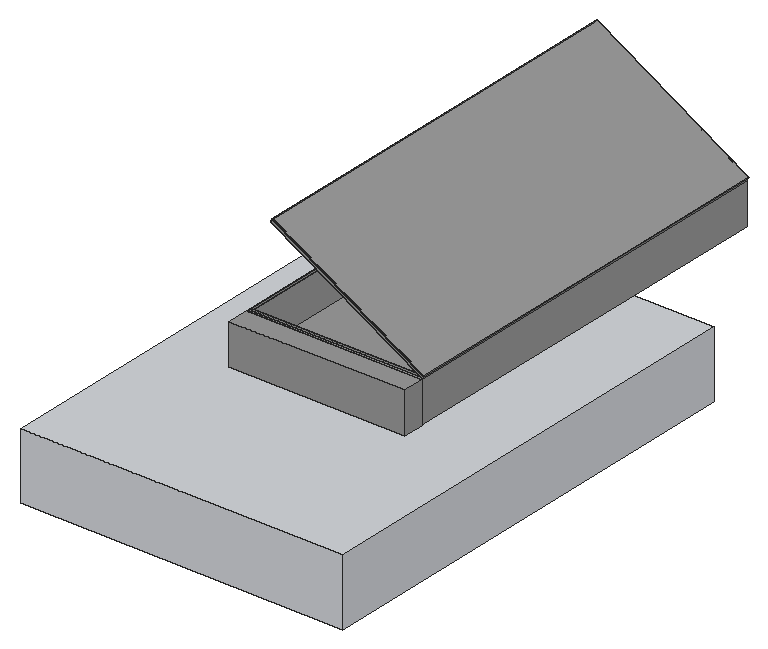
Revit family "Hager-Univers-IP54-D205-H1950-Cl.II-Encl-NoHosted-AT-de", category Equipement électrique, Revit 2020
Family settings
  Hôte = Face
  Configuration du panneau = Deux colonnes, circuits au sein
  Cote de connecteur circulaire = Utiliser le diamètre
  Type d'élément = Tableau de raccordement
  Couper avec des vides une fois chargée = Non
  Partagée = Non
  Point de calcul de pièce = Non
Parameters (values of type "Bodenaufstellung IP54 B800 H1950 T205  - FP23SW2")
  Width Control [instance] = if([EF000008 - Breite] > Min Width, [EF000008 - Breite], Min Width)  # 800 mm
  Commentaires du type = [HG000003 - Bereich]  # "Univers"
  Thickness Door [instance] = if([EF009171 - Materialstärke Tür/Deckel] > 3 mm, 3 mm, [EF009171 - Materialstärke Tür/Deckel])  # 1 mm
  Seal Frame Offset [instance] = 17 mm  # constant formula
  Plinth Visibility [instance] = [HG000027 - Sockelhöhe] > 0 mm  # yes
  Model = ""
  Min Width [instance] = 100 mm  # constant formula
  Min Height [instance] = 100 mm  # constant formula
  Min Depth [instance] = (2 * [EF009170 - Materialstärke Gehäuse]) + 1 mm  # 3 mm
  Internal Frame Depth [instance] = (Door System Depth * 0.5)  # 9 mm
  Height Control [instance] = if([EF000040 - Höhe] > Min Height, [EF000040 - Höhe], Min Height)  # 1950 mm
  HG000027 - Sockelhöhe = 100 mm
  HG000026 - Stehend auf dem Boden = yes
  HG000024 - Höhe des unteren Teils = 800 mm
  HG000023 - Gehäuse mit doppeltem Querschnitt = no
  HG000016 - 3D-Türsichtbarkeit [instance] = yes
  HG000015 - Sichtbarkeit der Türöffnung [instance] = no
  HG000014 - Tür rechts [instance] = yes
  HG000013 - Tür links [instance] = not([HG000014 - Tür rechts])  # no
  HG000012 - Türschwenkwinkel [instance] = 30.00°
  HG000010 - Asymmetrische Türen = no
  HG000009 - Doppelflügeligen Tür = no
  HG000006 - Unterputz = no
  HG000004 - Herstellerreferenz = "FP23SW2"
  HG000003 - Bereich = "Univers"
  HG000002 - Mit tür = yes
  Frame Offset Bottom [instance] = 10 mm  # constant formula
  Frame Offset [instance] = 15 mm  # constant formula
  EF015940 - Deckel mit Überdruckentlastung = no
  EF011959 - Schutzart (NEMA) = ""
  EF009554 - Anzahl der Öffnungen für Flanschplatten = 6
  Fabricant = "Hager"  # constant formula
  EF009212 - Ausführung Deckel = "EV000116 - geschlossen"
  EF009171 - Materialstärke Tür/Deckel = 1 mm
  EF009170 - Materialstärke Gehäuse = 1 mm
  EF008873 - Nennstrom (In) = 400 A
  EF007800 - Geeignet für Blitzschutz = no
  EF006306 - Mit Schloss = no
  EF006244 - Transparenter Deckel/Tür = no
  EF005474 - Schutzart (IP) = "EV006419 - IP54"
  EF004464 - Art der Tür = "EV002646 - Einzel"
  EF004427 - Anzahl der Module = 432
  EF004293 - Schlagfestigkeit = "EV006815 - IK09"
  EF003532 - Geeignet für Außengebrauch = no
  EF002950 - Breite in Teilungseinheiten = 36
  EF001613 - Funktionserhalt = "EV000494 - ohne"
  EF001596 - Werkstoff des Gehäuses = "EV000179 - Stahl"
  EF001131 - Innentiefe = 143 mm
  EF001088 - Anbaumöglichkeit = yes
  EF000437 - Anzahl der Leitungseinführungen = 6
  EF000339 - Art der Abdeckung = "EV001012 - Deckel"
  EF000266 - Anzahl der Reihen = 12
  EF000218 - Einbautiefe = 0 mm
  EF000118 - Mit Montageplatte = no
  EF000116 - RAL-Nummer = "9010"
  EF000049 - Tiefe = 205 mm
  EF000040 - Höhe = 1950 mm
  EF000008 - Breite = 800 mm
  EF000007 - Farbe = "EV000202 - weiß"
  EF000003 - Montageart = "EV012274 - Bodenaufstellung"
  Door System Leaf Tolerance [instance] = 1.5 mm  # constant formula
  Door System Depth [instance] = 18 mm  # constant formula
  Door Height [instance] = Height Control - [HG000027 - Sockelhöhe]  # 1850 mm
  Depth Control [instance] = if([EF000049 - Tiefe] > Min Depth, [EF000049 - Tiefe], Min Depth)  # 205 mm
  Default Elevation = 0 mm
  Connector Offset [instance] = Height Control / 2  # 975 mm
  Bottom Top Plate Trim [instance] = 1.5 mm  # constant formula
  Plinth height Ctrl [instance] = if([HG000027 - Sockelhöhe] > 0 mm, [HG000027 - Sockelhöhe], 12 mm)  # 100 mm
Types (5, lengths in mm): name | Width Control | HG000010 - Asymmetrische Türen | HG000009 - Doppelflügeligen Tür | HG000004 - Herstellerreferenz | EF009554 - Anzahl der Öffnungen für Flanschplatten | EF008873 - Nennstrom (In) | EF004464 - Art der Tür | EF004427 - Anzahl der Module | EF002950 - Breite in Teilungseinheiten | EF001131 - Innentiefe | EF000437 - Anzahl der Leitungseinführungen | EF000008 - Breite
  Bodenaufstellung IP54 B1050 H1950 T205  - FP24SW2 | 1050 | no | yes | "FP24SW2" | 8 | 400 A | "EV003602 - Doppel" | 576 | 48 | 143 | 8 | 1050
  Bodenaufstellung IP54 B1300 H1950 T205  - FP25SW2 | 1300 | yes | yes | "FP25SW2" | 10 | 400 A | "EV003602 - Doppel" | 720 | 60 | 130 | 10 | 1300
  Bodenaufstellung IP54 B300 H1950 T205  - FP21SW2 | 300 | no | no | "FP21SW2" | 2 | 250 A | "EV002646 - Einzel" | 144 | 12 | 143 | 2 | 300
  Bodenaufstellung IP54 B550 H1950 T205  - FP22SW2 | 550 | no | no | "FP22SW2" | 4 | 400 A | "EV002646 - Einzel" | 288 | 24 | 143 | 4 | 550
  Bodenaufstellung IP54 B800 H1950 T205  - FP23SW2 | 800 | no | no | "FP23SW2" | 6 | 400 A | "EV002646 - Einzel" | 432 | 36 | 143 | 6 | 800
Reference planes
  plane 1 "Center (Front/Back)": y = 0
  plane 2: z = 0
  plane 3 "Center (Left/Right)": x = 0
  plane 4: z = 205
  plane 5: y = 101
  plane 6: y = 1025
  plane 7: y = 100
  plane 8: y = 1950
  plane 9: z = 0
  plane 10: x = -385
  plane 11: x = 385
  plane 12: x = 384
  plane 13: x = -384
  plane 14: y = 1949
  plane 15: x = -383
  plane 16: x = -400
  plane 17: x = 383
  plane 18: x = 400
  plane 19: x = 399
  plane 20: x = -399
  plane 21: y = 111
  plane 22: y = 1950
  plane 23: y = 1934
  plane 24: z = 187
  plane 25: z = 1
  plane 26: z = 186
  plane 27: z = 204
Forms (mm)
  Extrusion 1, solid
    sketch origin (0, 0, 0) x (1, 0, 0) y (0, 1, 0)
      loop
        line (-702.964, 1305) -> (-702.964, -811.445) -> (766.763, -811.445) -> (766.763, 1305) -> (-702.964, 1305)
    from 0 to -304.8
  Extrusion 2, solid, material "Hager_Steel_RAL7035_Light_Grey", visible <- "Plinth Visibility", detail levels medium+fine
    sketch origin (0, 0, 0) x (1, 0, 0) y (0, 1, 0)
      loop
        line (-400, 0) -> (400, 0) -> (400, 100) -> (-400, 100) -> (-400, 0)
    from 0 to 187
  Extrusion 3, solid, material "Hager_Steel_RAL7035_Light_Grey", detail levels medium+fine
    sketch origin (0, 0, 0) x (1, 0, 0) y (0, 1, 0)
      loop
        line (-400, 100) -> (400, 100) -> (400, 1950) -> (-400, 1950) -> (-400, 100)
    from 0 to 187
  Extrusion 4, void
    sketch origin (0, 0, 0) x (1, 0, 0) y (0, 1, 0)
      loop
        line (-399, 101) -> (399, 101) -> (399, 1949) -> (-399, 1949) -> (-399, 101)
    from 1 to 186
  Extrusion 5, void
    sketch origin (-381.607, -4572, 187) x (0, -1, 0) y (-1, 0, 0)
      loop
        line (-4683, 2.393) -> (-6506, 2.393) -> (-6506, -765.607) -> (-4683, -765.607) -> (-4683, 2.393)
    from 0 to 1 <- "EF009170 - Materialstärke Gehäuse"
  Extrusion 6, solid, material "Hager_Steel_RAL7035_Light_Grey", detail levels fine
    sketch origin (0, 0, 187) x (1, 0, 0) y (0, 1, 0)
      loop
        line (-384, 1934) -> (-384, 111) -> (384, 111) -> (384, 1934) -> (-384, 1934)
      loop
        line (-385, 110) -> (385, 110) -> (385, 1935) -> (-385, 1935) -> (-385, 110)
    from 0 to 9 <- "Internal Frame Depth"
  Extrusion 7, solid, material "Hager_Steel_RAL7035_Light_Grey", detail levels coarse
    sketch origin (0, 0, 0) x (1, 0, 0) y (0, 1, 0)
      loop
        line (-400, 0) -> (400, 0) -> (400, 1950) -> (-400, 1950) -> (-400, 0)
    from 0 to 205
  Sweep 8, void
    path in 3D
      loop
        line (-400, 100, 0) -> (400, 100, 0) -> (400, 100, 187) -> (-400, 100, 187) -> (-400, 100, 0)
    profile origin (-400, 100, 93.5) x (-1, 0, 0) y (0, -1, 0)
      loop
        line (0, 0) -> (0, 1.5) -> (-1.5, 1.5)
        arc (-1.5, 1.5) -> (-1.061, 0.439) -> (0, 0) r 1.5
Cuts and joins
  Extrusion 4, Extrusion 5 cuts Extrusion 3
  Sweep 8 cuts Extrusion 2
Lines and regions (mm)
  Masking region 1
    outline origin (0, 0, 0) x (1, 0, 0) y (0, 0, 1)
      loop
        line (-400, 205) -> (-400, 0) -> (400, 0) -> (400, 205) -> (-400, 205)
  Masking region 2, detail levels medium+fine
    outline origin (0, 140, 0) x (0, 1, 0) y (0, 0, 1)
      loop
        line (-40, 0) -> (1810, 0) -> (1810, 187) -> (-40, 187) -> (-40, 0)
  Masking region 3, not visible, detail levels medium+fine
    outline origin (0, 297.922, 0) x (0, 1, 0) y (0, 0, 1)
      loop
        line (738.578, 0) -> (778.578, 0) -> (778.578, 194)
        arc (778.578, 194) -> (775.649, 201.071) -> (768.578, 204) r 10
        line (768.578, 204) -> (738.578, 204) -> (738.578, 0)
  Masking region 4, detail levels coarse
    outline origin (0, 0, 180) x (0, 1, 0) y (0, 0, 1)
      loop
        line (0, -180) -> (1950, -180) -> (1950, 25) -> (0, 25) -> (0, -180)
  Masking region 5, visible <- "Plinth Visibility", detail levels medium+fine
    outline origin (0, 52.24, 12.345) x (0, 0, -1) y (0, 1, 0)
      loop
        line (10.845, 47.76) -> (-173.155, 47.76)
        arc (-173.155, 47.76) -> (-173.594, 46.699) -> (-174.655, 46.26) r 1.5
        line (-174.655, 46.26) -> (-174.655, -52.24) -> (12.345, -52.24) -> (12.345, 46.26)
        arc (12.345, 46.26) -> (11.285, 46.699) -> (10.845, 47.76) r 1.5
  Masking region 6, detail levels medium+fine
    outline origin (-381.607, -4572, 187) x (-1, 0, 0) y (0, -1, 0)
      loop
        line (18.393, -6522) -> (18.393, -4672) -> (-781.607, -4672) -> (-781.607, -6522) -> (18.393, -6522)
  Masking region 7, visible <- "Plinth Visibility", detail levels medium+fine
    outline origin (-381.607, -4727, 187) x (-1, 0, 0) y (0, -1, 0)
      loop
        arc (16.893, -4827) -> (17.332, -4825.939) -> (18.393, -4825.5) r 1.5
        line (18.393, -4825.5) -> (18.393, -4727) -> (-781.607, -4727) -> (-781.607, -4825.5)
        arc (-781.607, -4825.5) -> (-780.546, -4825.939) -> (-780.107, -4827) r 1.5
        line (-780.107, -4827) -> (16.893, -4827)
  Masking region 8, detail levels coarse
    outline origin (-442.548, -4669.526, 187) x (-1, 0, 0) y (0, -1, 0)
      loop
        line (-42.548, -6619.526) -> (-42.548, -4669.526) -> (-842.548, -4669.526) -> (-842.548, -6619.526) -> (-42.548, -6619.526)
  sketch lines
    curve 1: line (-400, 100, 187) -> (-400, 100, 0)
    curve 2: line (400, 100, 187) -> (-400, 100, 187)
    curve 3: line (400, 100, 187) -> (400, 100, 0)
    curve 4: line (-400, 100, 0) -> (400, 100, 0)
Dimensions and locks
  "Depth Control": plane 4 to Extrusion 1
  "HG000027 - Sockelhöhe": plane 1 "Center (Front/Back)" to plane 7
  "EF009170 - Materialstärke Gehäuse": plane 5 to plane 7
  locked: connector elem to plane 3 "Center (Left/Right)"
  equal spacing: plane 8, plane 6, plane 7
  locked: connector elem to plane 6
  "EF009170 - Materialstärke Gehäuse": plane 8 to plane 14
  "EF009170 - Materialstärke Gehäuse": plane 10 to plane 13
  "EF009170 - Materialstärke Gehäuse": plane 12 to plane 11
  "Frame Offset": plane 20 to plane 13
  "Frame Offset": plane 12 to plane 19
  "EF009170 - Materialstärke Gehäuse": plane 16 to plane 20
  "EF009170 - Materialstärke Gehäuse": plane 19 to plane 18
  "Seal Frame Offset": plane 16 to plane 15
  "Seal Frame Offset": plane 17 to plane 18
  "Frame Offset Bottom": plane 21 to plane 5
  "Frame Offset": plane 14 to plane 23
  equal spacing: plane 16, plane 3 "Center (Left/Right)", plane 18
  "Width Control": plane 16 to plane 18
  "EF009170 - Materialstärke Gehäuse": plane 4 to plane 27
  "EF009170 - Materialstärke Gehäuse": plane 24 to plane 26
  "EF009170 - Materialstärke Gehäuse": plane 25 to level
  "Door System Depth": plane 4 to plane 24
  "Height Control": plane 1 "Center (Front/Back)" to Extrusion 7 sketch curve
  "Height Control": Masking region 4 sketch curve to plane 1 "Center (Front/Back)"
  "Height Control": plane 1 "Center (Front/Back)" to plane 22
  "Bottom Top Plate Trim": profile plane to Sweep 8 sketch curve
  "Bottom Top Plate Trim": Sweep 8 sketch curve to profile plane
  "Plinth height Ctrl": plane 1 "Center (Front/Back)" to Extrusion 2 sketch curve
  "Plinth height Ctrl": Masking region 5 sketch curve to plane 1 "Center (Front/Back)"
  "Plinth height Ctrl": plane 1 "Center (Front/Back)" to Masking region 7 sketch curve
  "Thickness Door": Extrusion 6 sketch curve to Extrusion 6 sketch curve  (x3)
  "Thickness Door": cut or joined group of Extrusion 3, Extrusion 4, Extrusion 5 to Extrusion 6 sketch curve
  radius of Masking region 3 sketch curve = 10 mm
  "Bottom Top Plate Trim": radius of Masking region 5 sketch curve  (x2)
  "Bottom Top Plate Trim": radius of Sweep 8 sketch curve
  "Bottom Top Plate Trim": radius of Masking region 7 sketch curve  (x2)
  aligned and locked: plane 2 to Extrusion 1
  aligned and locked: level to Extrusion 1
  aligned and locked: level to Masking region 1 sketch curve
  aligned and locked: Masking region 1 sketch curve to plane 18
  aligned and locked: Masking region 1 sketch curve to plane 16
  aligned and locked: plane 7 to Masking region 2 sketch curve
  aligned and locked: level to Masking region 3 sketch curve
  aligned and locked: Masking region 3 sketch curve to plane 27
  aligned and locked: level to Masking region 2 sketch curve
  aligned and locked: plane 1 "Center (Front/Back)" to Extrusion 2 sketch curve
  aligned and locked: Extrusion 3 sketch curve to plane 7
  aligned and locked: plane 16 to Extrusion 3 sketch curve
  aligned and locked: plane 18 to Extrusion 3 sketch curve
  aligned and locked: plane 20 to Extrusion 4 sketch curve
  aligned and locked: plane 19 to Extrusion 4 sketch curve
  aligned and locked: Extrusion 4 sketch curve to plane 5
  aligned and locked: Extrusion 4 to plane 25
  aligned and locked: plane 26 to Extrusion 4
  aligned and locked: plane 24 to Extrusion 3
  aligned and locked: Extrusion 5 sketch curve to plane 21
  aligned and locked: Extrusion 5 sketch curve to plane 13
  aligned and locked: Extrusion 5 sketch curve to plane 12
  aligned and locked: plane 18 to Extrusion 7 sketch curve
  aligned and locked: plane 1 "Center (Front/Back)" to Extrusion 7 sketch curve
  aligned and locked: plane 16 to Extrusion 7 sketch curve
  aligned and locked: plane 4 to Extrusion 7
  aligned and locked: Extrusion 7 to level
  aligned and locked: level to Masking region 4 sketch curve
  aligned and locked: Masking region 4 sketch curve to plane 1 "Center (Front/Back)"
  aligned and locked: Masking region 4 sketch curve to plane 4
  aligned and locked: nested 1 to level
  aligned and locked: nested 1 to plane 16
  aligned and locked: plane 8 to Extrusion 3 sketch curve
  aligned and locked: plane 23 to Extrusion 5 sketch curve
  aligned and locked: plane 14 to Extrusion 4 sketch curve
  aligned and locked: Masking region 2 sketch curve to plane 8
  aligned and locked: level to Masking region 5 sketch curve
  aligned and locked: plane 16 to Extrusion 2 sketch curve
  aligned and locked: plane 18 to Extrusion 2 sketch curve
  aligned and locked: Masking region 5 sketch curve to plane 24
  aligned and locked: Masking region 2 sketch curve to plane 24
  aligned and locked: plane 24 to Extrusion 2
  aligned and locked: profile plane to Sweep 8 sketch curve  (x2)
  aligned and locked: Masking region 6 sketch curve to plane 18
  aligned and locked: Masking region 6 sketch curve to plane 22
  aligned and locked: Masking region 6 sketch curve to plane 16
  aligned and locked: plane 8 to plane 22
  aligned and locked: Masking region 6 sketch curve to plane 7
  aligned and locked: Masking region 7 sketch curve to plane 16
  aligned and locked: Masking region 7 sketch curve to plane 1 "Center (Front/Back)"
  aligned and locked: Masking region 7 sketch curve to plane 18
  aligned and locked: Masking region 8 sketch curve to plane 1 "Center (Front/Back)"
  aligned and locked: Masking region 8 sketch curve to plane 18
  aligned and locked: Masking region 8 sketch curve to plane 22
  aligned and locked: Masking region 8 sketch curve to plane 16
  aligned and locked: nested 2 to plane 7
  aligned and locked: plane 3 "Center (Left/Right)" to nested 2
  aligned and locked: nested 2 to plane 24
  aligned and locked: Extrusion 6 sketch curve to cut or joined group of Extrusion 3, Extrusion 4, Extrusion 5  (x4)
Automatic sketch dimensions
  Extrusion 1 sketch curve to Extrusion 1 sketch curve = 1469.727 mm
  Extrusion 1 sketch curve to Extrusion 1 sketch curve = 2116.445 mm
  Masking region 1 sketch curve to plane 4 = 0 mm
  plane 6 to Masking region 3 sketch curve = 11.5 mm
  Masking region 3 sketch curve to Masking region 3 sketch curve = 30 mm
  Masking region 5 sketch curve to plane 1 "Center (Front/Back)" = 0 mm
Nested families
  nested 1: "Hager_Enclosure_Symbol" at (-400, 0, 0) x (1, 0, 0) z (0, -1, 0), Height <- "Depth Control", Width <- "Width Control", type "Hager_Enclosure_Symbol"
    with Width_Ctrl 800 mm, Width 800 mm, Height_Ctrl 205 mm, Height 205 mm, A_Width_Int 13.453 mm, A_Width 161.438 mm, A_Height_Ctrl 179.375 mm, A_Height 179.375 mm
  nested 2: "EC000058_Univers_Door" at (0, 100, 187) x (1, 0, 0) z (0, 1, 0), Leaf_Tolerance <- "Door System Leaf Tolerance", Angle <- "HG000012 - Türschwenkwinkel", Door_Depth <- "Door System Depth", Door_Left <- "HG000013 - Tür links", Transparent <- "EF006244 - Transparenter Deckel/Tür", Assymetrical <- "HG000010 - Asymmetrische Türen", Width <- "Width Control", Clearance <- "HG000015 - Sichtbarkeit der Türöffnung", Double <- "HG000009 - Doppelflügeligen Tür", 3d_Door <- "HG000016 - 3D-Türsichtbarkeit", Lock_Visibility <- "EF006306 - Mit Schloss", Width_Ctrl <- "Width Control", Door_Right <- "HG000014 - Tür rechts", Door <- "HG000002 - Mit tür", Height <- "Door Height", Thickness <- "Thickness Door", type "EC000058_Univers_Door", detail levels medium+fine
    with min_wh 3 mm, Width_Ctrl 800 mm, Width 800 mm, Transparent no, Thickness 1 mm, Seal_Material Hager_Rubber, Lock_Visibility no, Lock_Material Hager_Plastic_RAL9005_Jet_Black, Leaf_Width 800 mm, Leaf_Tolerance_External_Sides 0 mm, Leaf_Tolerance 1.5 mm, Leaf_Offset 0 mm, Leaf_Height 1847 mm, Leaf_2_Width 800 mm, Leaf_2_Offset 400 mm, Leaf_1_Width 800 mm, Leaf_1_Offset 400 mm, Height_Ctrl 1850 mm, Height 1850 mm, Glass_Material Hager_Glass, Double_Clearance_Ctrl no, Double no, Door_Right_Ctrl yes, Door_Right yes, Door_Material Hager_Steel_RAL7035_Light_Grey, Door_Left_Ctrl no, Door_Left no, Door_Depth 18 mm, Door yes, Clearance_Material Hager_Clearance, Clearance_Depth 800 mm, Clearance_Ctrl no, Clearance no, Assymetrical no, Angle 30.00°, 3d_Door yes
Connectors
  electrical at (0, 1025, 0)
    settings: on plane 9, index 1, voltage 0 V, apparent load 0 VA, apparent load phase1 0 VA, apparent load phase2 0 VA, apparent load phase3 0 VA, power factor 1, load classification "Other", number of poles 1, system type 30, power factor state 1, is connector primary yes, connector utility no, sub classification motor no, connector description ""
Definition of nested family "EC000058_Univers_Door"
  Parameters (values of type "EC000058_Univers_Door")
    min_wh [instance] = (2 * Thickness) + 1 mm  # 11 mm
    Width_Ctrl [instance] = 400 mm
    Width [instance] = 500 mm
    Transparent [instance] = yes
    Thickness [instance] = 5 mm
    Seal_Material [instance] = none
    Lock_Visibility [instance] = yes
    Lock_Material [instance] = none
    Leaf_Width [instance] = if((Width_Ctrl - 2 * Leaf_Tolerance_External_Sides) > 0 mm, (Width_Ctrl - 2 * Leaf_Tolerance_External_Sides), min_wh)  # 400 mm
    Leaf_Tolerance_External_Sides [instance] = 0 mm  # constant formula
    Leaf_Tolerance [instance] = 1.5 mm
    Leaf_Offset [instance] = 0 mm  # constant formula
    Leaf_Height [instance] = if((Height_Ctrl - 2 * Leaf_Tolerance) > 0 mm, (Height_Ctrl - 2 * Leaf_Tolerance), min_wh)  # 497 mm
    Leaf_2_Width [instance] = if(and(and(Double, Assymetrical), Door_Left), (Leaf_Width / 3) - (Leaf_Tolerance / 2), if(and(and(Double, Assymetrical), Door_Right), (Leaf_Width / 3) * 2 - (Leaf_Tolerance / 2), if(and(Double, not(Assymetrical)), (Leaf_Width / 2) - Leaf_Tolerance, Leaf_Width)))  # 400 mm
    Leaf_2_Offset [instance] = if(and(Double, Assymetrical), Leaf_2_Width / 2, if(and(Double, not(Assymetrical)), Leaf_Width / 4, Leaf_Width / 2))  # 200 mm
    Leaf_1_Width [instance] = if(and(and(Double, Assymetrical), Door_Right), (Leaf_Width / 3) - (Leaf_Tolerance / 2), if(and(and(Double, Assymetrical), Door_Left), (Width / 3) * 2 - (Leaf_Tolerance / 2), if(and(Double, not(Assymetrical)), (Leaf_Width / 2) - Leaf_Tolerance, Leaf_Width)))  # 400 mm
    Leaf_1_Offset [instance] = if(and(Double, Assymetrical), Leaf_1_Width / 2, if(and(Double, not(Assymetrical)), Leaf_Width / 4, Leaf_Width / 2))  # 200 mm
    Height_Ctrl [instance] = if(Height > min_wh, Height, min_wh)  # 500 mm
    Height [instance] = 500 mm
    Glass_Material [instance] = none
    Double_Clearance_Ctrl [instance] = and(Double, Clearance)  # no
    Double [instance] = no
    Door_Right_Ctrl [instance] = and(or(Door_Right, Double), Door)  # yes
    Door_Right [instance] = yes
    Door_Material [instance] = none
    Door_Left_Ctrl [instance] = and(or(Door_Left, Double), Door)  # no
    Door_Left [instance] = no
    Door_Depth [instance] = 30 mm
    Door [instance] = yes
    Default Elevation = 1219.2 mm
    Clearance_Material [instance] = none
    Clearance_Depth [instance] = if(Leaf_1_Width > Leaf_2_Width, Leaf_1_Width, Leaf_2_Width)  # 400 mm
    Clearance_Ctrl [instance] = and(not(Double), Clearance)  # yes
    Clearance [instance] = yes
    Assymetrical [instance] = yes
    Angle [instance] = 30.00°
    3d_Door [instance] = yes
  Reference planes
    plane 1 "Center (Front/Back)": y = 0
    plane 2 "Bottom": z = 0
    plane 3 "Center (Left/Right)": x = 0
    plane 4: z = 500
    plane 5: x = -200
    plane 6: x = 200
    plane 7: z = 500
    plane 8: x = -200
    plane 9: z = 0
    plane 10: x = 200
    plane 11: y = 0
    plane 12: z = 1.5
    plane 13: x = -600
    plane 14: y = -400
    plane 15: x = 600
    plane 16: x = 0
    plane 17: x = 0
    plane 18: x = -200
    plane 19: x = 200
    plane 20: z = 498.5
  Forms (mm)
    Extrusion 1, solid, material <- "Clearance_Material", visible <- "Double_Clearance_Ctrl"
      sketch origin (1200, 0, 0) x (1, 0, 0) y (0, 0, -1)
        loop
          line (-1800, -498.5) -> (-600, -498.5) -> (-600, 0) -> (-1800, 0) -> (-1800, -498.5)
      from 0 to -400
  Dimensions and locks
    equal spacing: plane 5, plane 3 "Center (Left/Right)", plane 6
    "Width_Ctrl": plane 5 to plane 6
    "Leaf_Offset": plane 5 to plane 8
    "Leaf_Offset": plane 6 to plane 10
    "Leaf_Offset": plane 9 to level
    "Leaf_Offset": plane 4 to plane 7
    "Height_Ctrl": plane 4 to level
    "Leaf_Tolerance": plane 12 to plane 9
    locked: plane 11 to plane 1 "Center (Front/Back)"
    "Leaf_1_Offset": plane 18 to plane 16
    "Leaf_2_Offset": plane 17 to plane 19
    "Leaf_1_Width": plane 13 to plane 8
    "Leaf_2_Width": plane 10 to plane 15
    "Clearance_Depth": plane 14 to plane 1 "Center (Front/Back)"
    "Leaf_Tolerance_External_Sides": plane 8 to plane 18
    "Leaf_Tolerance_External_Sides": plane 19 to plane 10
    "Leaf_Tolerance": plane 7 to plane 20
    aligned and locked: level to plane 2 "Bottom"
    aligned and locked: nested 1 to plane 16
    aligned and locked: nested 2 to plane 17
    aligned and locked: Extrusion 1 to plane 13
    aligned and locked: plane 15 to Extrusion 1
    aligned and locked: Extrusion 1 to plane 14
    aligned and locked: plane 12 to nested 1
    aligned and locked: nested 2 to plane 12
    aligned and locked: Extrusion 1 to plane 11
    aligned and locked: plane 20 to Extrusion 1
    aligned and locked: nested 2 to plane 11
    aligned and locked: nested 1 to plane 11
  Automatic sketch dimensions
    Extrusion 1 sketch curve to level = 0 mm
    plane 5 to Extrusion 1 sketch curve = 400 mm
    plane 6 to Extrusion 1 sketch curve = 400 mm
    Extrusion 1 sketch curve to plane 4 = 1.5 mm
  Nested families
    nested 1: "EC000058_Univers_Door_Leaf" at (0, 0, 1.5), Width <- "Leaf_1_Width", visible <- "Door_Left_Ctrl", Leaf_Height <- "Leaf_Height", Angle <- "Angle", 3d_Door <- "3d_Door", Transparent <- "Transparent", Clearance Material <- "Clearance_Material", Clearance <- "Clearance_Ctrl", Door_Material <- "Door_Material", Glass_Material <- "Glass_Material", Door_Depth <- "Door_Depth", Lock_Material <- "Lock_Material", Seal_Material <- "Seal_Material", Lock_Visibility <- "Lock_Visibility", Thickness <- "Thickness", type "EC000058_Univers_Door_Leaf"
      with Width 400 mm, Transparent_Glass_Offset 30 mm, Transparent_Ctrl yes, Transparent yes, Thickness 5 mm, Standard no, Seal_Material none, Seal_D2 8 mm, Seal_D1 1 mm, Offset_Internal_Frame 10 mm, Lock_Width 20 mm, Lock_Visibility_3d yes, Lock_Visibility yes, Lock_Thickness_3 3 mm, Lock_Thickness_2 1 mm, Lock_Thickness_1 3 mm, Lock_Radius_Offset_2 16 mm, Lock_Radius_Offset_1 15 mm, Lock_Radius_2 5 mm, Lock_Radius 6 mm, Lock_Offset 5 mm, Lock_Material none, Lock_Height 80 mm, Lock_Cover_Top_Offset_2d 17 mm, Lock_Cover_Height -65 mm, Leaf_Height 497 mm, Internal_Seal_Thickness 8 mm, Internal_Seal_Depth_2 4.5 mm, Internal_Frame_Depth 25 mm, Glass_Thickness -1 mm, Glass_Offset -2 mm, Glass_Material none, Door_Material none, Door_Depth 30 mm, Clearance Material none, Clearance yes, Angle_Ctrl 30.00°, Angle 30.00°, 3d_Door yes
    nested 2: "EC000058_Univers_Door_Leaf" at (0, 0, 1.5) x (-1, 0, 0) z (0, 0, 1), Width <- "Leaf_2_Width", visible <- "Door_Right_Ctrl", Leaf_Height <- "Leaf_Height", Angle <- "Angle", 3d_Door <- "3d_Door", Transparent <- "Transparent", Clearance Material <- "Clearance_Material", Clearance <- "Clearance_Ctrl", Door_Material <- "Door_Material", Glass_Material <- "Glass_Material", Door_Depth <- "Door_Depth", Lock_Material <- "Lock_Material", Seal_Material <- "Seal_Material", Lock_Visibility <- "Lock_Visibility", Thickness <- "Thickness", type "EC000058_Univers_Door_Leaf"
      with Width 400 mm, Transparent_Glass_Offset 30 mm, Transparent_Ctrl yes, Transparent yes, Thickness 5 mm, Standard no, Seal_Material none, Seal_D2 8 mm, Seal_D1 1 mm, Offset_Internal_Frame 10 mm, Lock_Width 20 mm, Lock_Visibility_3d yes, Lock_Visibility yes, Lock_Thickness_3 3 mm, Lock_Thickness_2 1 mm, Lock_Thickness_1 3 mm, Lock_Radius_Offset_2 16 mm, Lock_Radius_Offset_1 15 mm, Lock_Radius_2 5 mm, Lock_Radius 6 mm, Lock_Offset 5 mm, Lock_Material none, Lock_Height 80 mm, Lock_Cover_Top_Offset_2d 17 mm, Lock_Cover_Height -65 mm, Leaf_Height 497 mm, Internal_Seal_Thickness 8 mm, Internal_Seal_Depth_2 4.5 mm, Internal_Frame_Depth 25 mm, Glass_Thickness -1 mm, Glass_Offset -2 mm, Glass_Material none, Door_Material none, Door_Depth 30 mm, Clearance Material none, Clearance yes, Angle_Ctrl 30.00°, Angle 30.00°, 3d_Door yes
  Definition of nested family "EC000058_Univers_Door_Leaf"
    Parameters (values of type "EC000058_Univers_Door_Leaf")
      Width [instance] = 2000 mm
      Transparent_Glass_Offset [instance] = 30 mm
      Transparent_Ctrl [instance] = and(Transparent, [3d_Door])  # yes
      Transparent [instance] = yes
      Thickness [instance] = 5 mm
      Standard [instance] = and(not(Transparent), [3d_Door])  # no
      Seal_Material [instance] = none
      Seal_D2 [instance] = 8 mm  # constant formula
      Seal_D1 [instance] = 1 mm  # constant formula
      Offset_Internal_Frame [instance] = 10 mm  # constant formula
      Lock_Width [instance] = 20 mm  # constant formula
      Lock_Visibility_3d [instance] = and(Lock_Visibility, [3d_Door])  # yes
      Lock_Visibility [instance] = yes
      Lock_Thickness_3 [instance] = 3 mm  # constant formula
      Lock_Thickness_2 [instance] = 1 mm  # constant formula
      Lock_Thickness_1 [instance] = 3 mm  # constant formula
      Lock_Radius_Offset_2 [instance] = Lock_Radius_Offset_1 + 1 mm  # 16 mm
      Lock_Radius_Offset_1 [instance] = 15 mm  # constant formula
      Lock_Radius_2 [instance] = Lock_Radius - 1 mm  # 5 mm
      Lock_Radius [instance] = 6 mm  # constant formula
      Lock_Offset [instance] = 5 mm  # constant formula
      Lock_Material [instance] = none
      Lock_Height [instance] = 80 mm  # constant formula
      Lock_Cover_Top_Offset_2d [instance] = Lock_Radius_Offset_2 + 1 mm  # 17 mm
      Lock_Cover_Height [instance] = -(Lock_Height - Lock_Radius_Offset_1)  # -65 mm
      Leaf_Height [instance] = 2720.336 mm
      Internal_Seal_Thickness [instance] = 8 mm  # constant formula
      Internal_Seal_Depth_2 [instance] = 4.5 mm  # constant formula
      Internal_Frame_Depth [instance] = if(Door_Depth - Thickness > 5 mm, Door_Depth - Thickness, 5 mm)  # 25 mm
      Glass_Thickness [instance] = if(Thickness > 15 mm, Glass_Offset + 10 mm, -1 mm)  # -1 mm
      Glass_Offset [instance] = if(Thickness > 15 mm, -(Thickness + 10 mm) / 2, -2 mm)  # -2 mm
      Glass_Material [instance] = none
      Door_Material [instance] = none
      Door_Depth [instance] = 30 mm
      Default Elevation = 0 mm
      Clearance Material [instance] = none
      Clearance [instance] = yes
      Angle_Ctrl [instance] = if(Angle > 180.00°, 180.00°, Angle)  # 90.00°
      Angle [instance] = 90.00°
      3d_Door [instance] = yes
    Reference planes
      plane 1 "Center (Front/Back)": y = 0
      plane 2: z = 0
      plane 3 "Center (Left/Right)": x = 0
      plane 4: y = 2000
      plane 5: x = -1000
      plane 6: x = 1000
      plane 7: x = -3000
      plane 8: z = 2720.336
      plane 9: z = 30
      plane 10: z = 2690.336
      plane 11: x = 970
      plane 12: x = -970
      plane 13: y = -3
      plane 14: z = 107.833
      plane 15: y = -5
      plane 16: y = -223.314
      plane 17: x = -1000
      plane 18: z = 1360.168
      plane 19: y = 30
    Forms (mm)
      Extrusion 1, solid, material <- "Clearance Material", visible <- "Clearance"
        sketch origin (0, 0, 0) x (1, 0, 0) y (0, 0, 1)
          loop
            line (-3000, 2720.336) -> (-3000, 0) -> (1000, 0) -> (1000, 2720.336) -> (-3000, 2720.336)
        from 0 to -2000
      Extrusion 2, solid, material <- "Door_Material", visible <- "Standard", detail levels medium+fine
        sketch origin (-1000, 0, 0) x (0, 1, 0) y (-1, 0, 0)
          loop
            line (0, 30) -> (0, 25) -> (2000, 25) -> (2000, 30) -> (0, 30)
        from 0 to 2720.336 <- "Leaf_Height"
      Extrusion 3, solid, material <- "Door_Material", visible <- "Transparent_Ctrl", detail levels medium+fine
        sketch origin (-1000, 0, 0) x (0, 1, 0) y (-1, 0, 0)
          loop
            line (0, 25) -> (2000, 25) -> (2000, 30) -> (0, 30) -> (0, 25)
        from 0 to 2720.336 <- "Leaf_Height"
      Extrusion 4, void
        sketch origin (-1025, 2000, 0) x (0, 1, 0) y (0, 0, -1)
          loop
            line (-30, -2690.336) -> (-30, -30) -> (-1970, -30) -> (-1970, -2690.336) -> (-30, -2690.336)
        from 0 to 5 <- "Thickness"
      Sweep 5, solid, material <- "Seal_Material", visible <- "Transparent_Ctrl", detail levels fine
        path in 3D
          loop
            line (-1025, 30, 30) -> (-1025, 30, 2690.336) -> (-1025, 1970, 2690.336) -> (-1025, 1970, 30) -> (-1025, 30, 30)
        profile origin (-1025, 1000, 30) x (1, 0, 0) y (0, 0, 1)
          loop
            line (0, 0) -> (0, -8) -> (1, -8) -> (1, 0) -> (0, 0)
      Extrusion 6, solid, material <- "Glass_Material", visible <- "Transparent_Ctrl", detail levels medium+fine
        sketch origin (-1030, 0, 0) x (0, 1, 0) y (0, 0, -1)
          loop
            line (1970, -2690.336) -> (1970, -30) -> (30, -30) -> (30, -2690.336) -> (1970, -2690.336)
        from -2 <- "Glass_Offset" to -1 <- "Glass_Thickness"
      Extrusion 7, solid, material <- "Door_Material", visible <- "3d_Door", detail levels medium+fine
        sketch origin (-1025, 2000, 0) x (0, -1, 0) y (0, 0, -1)
          loop
            line (0, -2720.336) -> (2000, -2720.336) -> (2000, 0) -> (0, 0) -> (0, -2720.336)
          loop
            line (1995, -5) -> (5, -5) -> (5, -2715.336) -> (1995, -2715.336) -> (1995, -5)
        from 0 to 25 <- "Internal_Frame_Depth"
      Sweep 8, solid, material <- "Seal_Material", visible <- "Transparent_Ctrl", detail levels fine
        path in 3D
          loop
            line (-1025, 0, 0) -> (-1025, 2000, 0) -> (-1025, 2000, 2720.336) -> (-1025, 0, 2720.336) -> (-1025, 0, 0)
        profile origin (-1025, 0, 1360.168) x (1, 0, 0) y (0, 1, 0)
          loop
            line (0, 10) -> (2.975, 10)
            arc (2.975, 10) -> (4.053, 10.447) -> (4.5, 11.525) r 1.525
            line (4.5, 11.525) -> (4.5, 16.527)
            arc (4.5, 16.527) -> (4.069, 17.569) -> (3.027, 18) r 1.473
            line (3.027, 18) -> (0, 18) -> (0, 10)
      Extrusion 9, solid, material <- "Lock_Material", visible <- "Lock_Visibility_3d", detail levels fine
        sketch origin (-1030, 0, 0) x (0, 1, 0) y (0, 0, -1)
          loop
            arc (1993.5, -1400.168) -> (1994.561, -1399.729) -> (1995, -1398.668) r 1.5
            line (1995, -1398.668) -> (1995, -1320.168) -> (1975, -1320.168) -> (1975, -1398.668)
            arc (1975, -1398.668) -> (1975.439, -1399.729) -> (1976.5, -1400.168) r 1.5
            line (1976.5, -1400.168) -> (1993.5, -1400.168)
        from 3 <- "Lock_Thickness_1" to 0
      Blend 10, solid, material <- "Lock_Material", visible <- "Lock_Visibility_3d", detail levels fine
        base sketch origin (-1033, 0, 0) x (0, 1, 0) y (0, 0, -1)
          loop
            line (1975, -1320.168) -> (1975, -1398.668)
            arc (1975, -1398.668) -> (1975.439, -1399.729) -> (1976.5, -1400.168) r 1.5
            line (1976.5, -1400.168) -> (1993.5, -1400.168)
            arc (1993.5, -1400.168) -> (1994.561, -1399.729) -> (1995, -1398.668) r 1.5
            line (1995, -1398.668) -> (1995, -1320.168) -> (1975, -1320.168)
        top sketch origin (-1033, 0, 0) x (0, 1, 0) y (0, 0, -1)
          loop
            line (1976, -1320.168) -> (1976, -1398.668)
            arc (1976, -1398.668) -> (1976.146, -1399.022) -> (1976.5, -1399.168) r 0.5
            line (1976.5, -1399.168) -> (1993.5, -1399.168)
            arc (1993.5, -1399.168) -> (1993.854, -1399.022) -> (1994, -1398.668) r 0.5
            line (1994, -1398.668) -> (1994, -1320.168) -> (1976, -1320.168)
        from 0 to 1 <- "Lock_Thickness_2"
      Blend 11, solid, material <- "Lock_Material", visible <- "Lock_Visibility_3d", detail levels fine
        base sketch origin (-1034, 0, 0) x (0, 1, 0) y (0, 0, -1)
          loop
            line (1978, -1320.168) -> (1978, -1384.168)
            arc (1978, -1384.168) -> (1985, -1391.168) -> (1992, -1384.168) r 7
            line (1992, -1384.168) -> (1992, -1320.168) -> (1978, -1320.168)
        top sketch origin (-1034, 0, 0) x (0, 1, 0) y (0, 0, -1)
          loop
            line (1991, -1320.168) -> (1979, -1320.168) -> (1979, -1383.168)
            arc (1979, -1383.168) -> (1985, -1389.168) -> (1991, -1383.168) r 6
            line (1991, -1383.168) -> (1991, -1320.168)
        from 0 to 3 <- "Lock_Thickness_3"
      Extrusion 12, solid, material <- "Lock_Material", visible <- "Lock_Visibility_3d", detail levels fine
        sketch origin (-1030, 1975, 1320.168) x (1, 0, 0) y (0, -1, 0)
          loop
            line (-7, -19) -> (-7, -1) -> (0, -1) -> (0, 0) -> (-8, 0) -> (-8, -20) -> (0, -20) -> (0, -19) -> (-7, -19)
        from 0 to -65 <- "Lock_Cover_Height"
      Extrusion 13, void
        sketch origin (-1038, 1995, 1320.168) x (-1, 0, 0) y (0, 0, -1)
          loop
            line (-5, -65) -> (0, -65) -> (-5, -60) -> (-5, -65)
        from 0 to 20 <- "Lock_Width"
      Extrusion 14, void
        sketch origin (-1038, 1975, 1320.168) x (0, -1, 0) y (0, 0, -1)
          loop
            circle (-10, -15.995) r 6
          loop
            circle (-10, -15.995) r 5
        from 0 to 2
      Extrusion 15, solid, material <- "Lock_Material", visible <- "Lock_Visibility_3d", detail levels medium
        sketch origin (-1030, 0, 0) x (0, 1, 0) y (0, 0, -1)
          loop
            arc (1993.5, -1400.168) -> (1994.561, -1399.729) -> (1995, -1398.668) r 1.5
            line (1995, -1398.668) -> (1995, -1320.168) -> (1975, -1320.168) -> (1975, -1398.668)
            arc (1975, -1398.668) -> (1975.439, -1399.729) -> (1976.5, -1400.168) r 1.5
            line (1976.5, -1400.168) -> (1993.5, -1400.168)
        from 8 to 0
    Cuts and joins
      Extrusion 4 cuts Extrusion 3
      Extrusion 13, Extrusion 14 cuts Extrusion 9
      Extrusion 14 cuts Blend 11
      Extrusion 13, Extrusion 14 cuts Extrusion 12
      joined: Extrusion 9, Blend 10, Blend 11, Extrusion 12
      Extrusion 14 cuts Extrusion 15
    Lines and regions (mm)
      Masking region 1, visible <- "Lock_Visibility", detail levels fine
        outline origin (0, 0, 0) x (0, 1, 0) y (0, 0, 1)
          loop
            line (30, 1320.168) -> (33, 1320.168) -> (33, 1400.168) -> (30, 1400.168) -> (30, 1320.168)
      Masking region 2, visible <- "Lock_Visibility", detail levels fine
        outline origin (0, 3.143, 0) x (0, 1, 0) y (0, 0, 1)
          loop
            line (29.857, 1354.168) -> (30.857, 1354.168) -> (30.857, 1366.168) -> (29.857, 1366.168) -> (29.857, 1354.168)
      Masking region 3, detail levels medium+fine
        outline origin (0, 0, 0) x (0, 1, 0) y (0, 0, 1)
          loop
            line (0, 0) -> (30, 0) -> (30, 2720.336) -> (0, 2720.336) -> (0, 0)
      Masking region 4, detail levels medium+fine
        outline origin (0, 0, 0) x (1, 0, 0) y (0, 0, 1)
          loop
            line (-1000, 2720.336) -> (-1000, 0) -> (1000, 0) -> (1000, 2720.336) -> (-1000, 2720.336)
      Masking region 5, visible <- "Lock_Visibility", detail levels fine
        outline origin (-47.116, 0, 0) x (1, 0, 0) y (0, 0, 1)
          loop
            arc (1024.616, 1399.168) -> (1023.556, 1398.729) -> (1023.116, 1397.668) r 1.5
            line (1023.116, 1397.668) -> (1023.116, 1320.168) -> (1041.116, 1320.168) -> (1041.116, 1397.668)
            arc (1041.116, 1397.668) -> (1040.677, 1398.729) -> (1039.616, 1399.168) r 1.5
            line (1039.616, 1399.168) -> (1024.616, 1399.168)
      Masking region 6, visible <- "Lock_Visibility", detail levels medium+fine
        outline origin (-25, 0, 0) x (1, 0, 0) y (0, 0, 1)
          loop
            arc (1001.5, 1400.168) -> (1000.439, 1399.729) -> (1000, 1398.668) r 1.5
            line (1000, 1398.668) -> (1000, 1320.168) -> (1020, 1320.168) -> (1020, 1398.668)
            arc (1020, 1398.668) -> (1019.561, 1399.729) -> (1018.5, 1400.168) r 1.5
            line (1018.5, 1400.168) -> (1001.5, 1400.168)
      Masking region 7, visible <- "Lock_Visibility", detail levels fine
        outline origin (-73.735, 0, 0) x (1, 0, 0) y (0, 0, 1)
          loop
            line (1051.735, 1382.168) -> (1065.735, 1382.168) -> (1065.735, 1384.168)
            arc (1065.735, 1384.168) -> (1058.735, 1391.168) -> (1051.735, 1384.168) r 7
            line (1051.735, 1384.168) -> (1051.735, 1382.168)
      Masking region 8, visible <- "Lock_Visibility", detail levels fine
        outline origin (-73.735, 0, 0) x (1, 0, 0) y (0, 0, 1)
          loop
            line (1052.735, 1382.168) -> (1064.735, 1382.168) -> (1064.735, 1383.168)
            arc (1064.735, 1383.168) -> (1058.735, 1389.168) -> (1052.735, 1383.168) r 6
            line (1052.735, 1383.168) -> (1052.735, 1382.168)
      Masking region 9, visible <- "Lock_Visibility", detail levels fine
        outline origin (-25, 0, 0) x (1, 0, 0) y (0, 0, 1)
          loop
            line (1020, 1320.168) -> (1020, 1382.168) -> (1000, 1382.168) -> (1000, 1320.168) -> (1020, 1320.168)
      Masking region 10, detail levels medium+fine
        outline origin (0, 0, 0) x (1, 0, 0) y (0, 0, 1)
          loop
            circle (985, 1335.144) r 6
      Masking region 11, detail levels fine
        outline origin (0, 0, 0) x (1, 0, 0) y (0, 0, 1)
          loop
            circle (985, 1335.144) r 5
      Masking region 12, visible <- "Lock_Visibility", detail levels fine
        outline origin (0, 12.767, 0) x (0, 1, 0) y (0, 0, 1)
          loop
            line (20.233, 1320.168) -> (21.233, 1320.168) -> (21.233, 1399.168) -> (20.233, 1400.168) -> (20.233, 1320.168)
      Masking region 13, visible <- "Lock_Visibility", detail levels fine
        outline origin (0, 13.767, -10) x (0, 1, 0) y (0, 0, 1)
          loop
            line (20.233, 1330.168) -> (23.233, 1330.168) -> (23.233, 1399.168) -> (20.233, 1402.168) -> (20.233, 1330.168)
      Masking region 14, visible <- "Lock_Visibility", detail levels fine
        outline origin (0, 12.767, -10) x (0, 1, 0) y (0, 0, 1)
          loop
            line (20.233, 1330.168) -> (25.233, 1330.168) -> (25.233, 1399.305) -> (20.233, 1394.305) -> (20.233, 1330.168)
      Masking region 15, visible <- "Lock_Visibility", detail levels medium
        outline origin (0, 0, 0) x (0, 1, 0) y (0, 0, 1)
          loop
            line (30, 1320.168) -> (38, 1320.168) -> (38, 1400.168) -> (30, 1400.168) -> (30, 1320.168)
      Masking region 16, visible <- "Lock_Visibility", detail levels fine
        outline origin (-1000, 0, 0) x (0, 1, 0) y (-1, 0, 0)
          loop
            line (1975, 30) -> (1995, 30) -> (1995, 38) -> (1975, 38) -> (1975, 30)
          loop
            line (1979, 37) -> (1976, 37) -> (1976, 34) -> (1978, 34) -> (1979, 37)
          loop
            line (1994, 37) -> (1991, 37) -> (1992, 34) -> (1994, 34) -> (1994, 37)
      Masking region 17, visible <- "Lock_Visibility", detail levels medium
        outline origin (-1000, 0, 0) x (0, 1, 0) y (-1, 0, 0)
          loop
            line (1975, 30) -> (1995, 30) -> (1995, 38) -> (1975, 38) -> (1975, 30)
      symbolic lines
        curve 1: line (1000, 0, 0) -> (-3000, 0, 0)
        curve 2: arc (1000, 0, 0) -> (-1000, 2000, 0) -> (-3000, 0, 0) r 2000
        curve 4: line (-1030, 0, 0) -> (-1030, 2000, 0)
      reference lines
        curve 3: line (-1000, 0, 0) -> (-1000, 2000, 0)
      symbolic lines, detail levels medium+fine
        curve 5: line (-1030, 2000, 0) -> (-1025, 2000, 0)
        curve 7: line (-1025, 0, 0) -> (-1030, 0, 0)
        curve 8: line (-1025, 0, 0) -> (-1000, 0, 0)
        curve 9: line (-1000, 0, 0) -> (-1000, 2000, 0)
        curve 10: line (-1000, 2000, 0) -> (-1025, 2000, 0)
      symbolic lines, detail levels fine
        curve 6: line (-1025, 2000, 0) -> (-1025, 0, 0)
      sketch lines
        curve 11: line (-1025, 0, 2720.336) -> (-1025, 0, 0)
        curve 12: line (-1025, 2000, 0) -> (-1025, 0, 0)
        curve 13: line (-1025, 2000, 2720.336) -> (-1025, 2000, 0)
        curve 14: line (-1025, 0, 2720.336) -> (-1025, 2000, 2720.336)
        curve 15: line (-1025, 1970, 30) -> (-1025, 30, 30)
        curve 16: line (-1025, 30, 30) -> (-1025, 30, 2690.336)
        curve 17: line (-1025, 1970, 2690.336) -> (-1025, 1970, 30)
        curve 18: line (-1025, 30, 2690.336) -> (-1025, 1970, 2690.336)
      symbolic lines, visible <- "Transparent", detail levels medium+fine
        curve 19: line (-970, 0, 2690.336) -> (970, 0, 2690.336)
        curve 20: line (-970, 0, 30) -> (-970, 0, 2690.336)
        curve 21: line (970, 0, 30) -> (-970, 0, 30)
        curve 22: line (970, 0, 2690.336) -> (970, 0, 30)
    Dimensions and locks
      "Width": plane 1 "Center (Front/Back)" to plane 4
      equal spacing: plane 5, plane 3 "Center (Left/Right)", plane 6
      "Width": plane 5 to plane 6
      "Width": plane 7 to plane 5
      "Leaf_Height": plane 8 to level
      "Width": curve 5 to curve 3
      "Width": curve 3 to curve 3
      plane 8 to plane 10 = 30 mm
      plane 9 to level = 30 mm
      plane 12 to plane 5 = 30 mm
      plane 6 to plane 11 = 30 mm
      Extrusion 1 to Extrusion 4 sketch curve = 30 mm
      "Transparent_Glass_Offset": curve 3 to Extrusion 4 sketch curve
      "Transparent_Glass_Offset": Extrusion 4 sketch curve to cut or joined group of Extrusion 3, Extrusion 4  (x2)
      cut or joined group of Extrusion 3, Extrusion 4 to Extrusion 6 sketch curve = 30 mm
      "Transparent_Glass_Offset": cut or joined group of Extrusion 3, Extrusion 4 to Extrusion 4 sketch curve
      "Thickness": curve 6 to curve 4
      "Thickness": Extrusion 7 sketch curve to Extrusion 7 sketch curve  (x4)
      "Door_Depth": curve 4 to curve 3
      "Offset_Internal_Frame": profile plane to Sweep 8 sketch curve
      "Internal_Seal_Thickness": Sweep 8 sketch curve to Sweep 8 sketch curve
      "Internal_Seal_Depth_2": profile plane to Sweep 8 sketch curve
      "Seal_D1": profile plane to Sweep 5 sketch curve
      "Seal_D2": profile plane to Sweep 5 sketch curve
      "Thickness": Extrusion 2 sketch curve to Extrusion 2 sketch curve
      equal spacing: Extrusion 9 sketch curve, plane 18, Extrusion 9 sketch curve  (x2)
      equal spacing: Masking region 1 sketch curve, plane 18, Masking region 1 sketch curve
      "Lock_Height": Masking region 1 sketch curve to Masking region 1 sketch curve
      "Lock_Radius": Masking region 2 sketch curve to plane 18 to Masking region 2 sketch curve
      Masking region 2 sketch curve to Masking region 1 = 1 mm
      "Door_Depth": plane 19 to plane 1 "Center (Front/Back)"
      "Lock_Thickness_1": Masking region 1 sketch curve to plane 19
      "Lock_Width": Extrusion 9 sketch curve to Extrusion 9 sketch curve
      "Lock_Height": Extrusion 9 sketch curve to Extrusion 9 sketch curve
      "Lock_Offset": cut or joined group of Extrusion 3, Extrusion 4 to Extrusion 9 sketch curve
      equal spacing: plane 8, plane 18, level
      "Lock_Radius_Offset_1": Blend 11 sketch curve to Blend 10
      locked: Blend 10 to Blend 11 sketch curve at 2  (x2)
      locked: var sketch to Blend 11 sketch curve at 1  (x2)
      "Lock_Radius_Offset_2": Blend 11 sketch curve to Blend 10
      locked: Extrusion 12 sketch curve to Extrusion 12 sketch curve at 1  (x3)
      Masking region 6 sketch curve to Masking region 6 sketch curve = 80 mm
      "Lock_Height": Masking region 6 sketch curve to Masking region 6 sketch curve
      "Lock_Width": Masking region 6 sketch curve to Masking region 6 sketch curve
      locked: Masking region 6 to Masking region 5 sketch curve at 1  (x3)
      locked: Masking region 5 to Masking region 7 sketch curve at 2  (x2)
      "Lock_Radius_Offset_1": Masking region 5 to Masking region 7 sketch curve
      "Lock_Radius_Offset_2": Masking region 5 to Masking region 8 sketch curve
      locked: Masking region 7 to Masking region 8 sketch curve at 1  (x2)
      "Lock_Cover_Top_Offset_2d": Masking region 5 to Masking region 9 sketch curve
      equal spacing: Masking region 9, Masking region 10 sketch curve, Masking region 9
      equal spacing: Masking region 9, Masking region 11 sketch curve, Masking region 9
      Extrusion 15 sketch curve to Extrusion 15 sketch curve = 80 mm
      "Lock_Width": Extrusion 15 sketch curve to Extrusion 15 sketch curve
      "Lock_Height": Extrusion 15 sketch curve to Extrusion 15 sketch curve
      equal spacing: Extrusion 15 sketch curve, plane 18, Extrusion 15 sketch curve
      "Lock_Thickness_3": Masking region 13 sketch curve to Masking region 13 sketch curve
      "Lock_Height": Masking region 12 sketch curve to Masking region 12 sketch curve
      locked: Masking region 13 sketch curve to Masking region 1 at 8
      locked: Masking region 14 sketch curve to Masking region 13 at 1
      locked: Masking region 14 sketch curve to Masking region 1 at 10.863
      "Lock_Height": Masking region 15 sketch curve to Masking region 15 sketch curve
      "Lock_Offset": Extrusion 15 sketch curve to cut or joined group of Extrusion 3, Extrusion 4
      "Lock_Offset": plane 6 to Masking region 6 sketch curve
      radius of Sweep 8 sketch curve = 1.525 mm
      radius of Sweep 8 sketch curve = 1.473 mm
      radius of Extrusion 9 sketch curve = 1.5 mm  (x2)
      "Lock_Radius": radius of Extrusion 14 sketch curve
      "Lock_Radius_2": radius of Extrusion 14 sketch curve
      "Lock_Radius": radius of Masking region 10 sketch curve
      "Lock_Radius_2": radius of Masking region 11 sketch curve
      radius of Extrusion 15 sketch curve = 1.5 mm  (x2)
      "Angle_Ctrl": angle plane 1 "Center (Front/Back)" to curve 3
      locked: Masking region 12 sketch curve to Masking region 12 sketch curve (angle 45.00°)
      locked: Masking region 13 sketch curve to Masking region 13 sketch curve (angle 45.00°)
      locked: Masking region 14 sketch curve to Masking region 14 sketch curve (angle 45.00°)
      aligned and locked: level to plane 2
      aligned and locked: Extrusion 1 to curve 1
      aligned and locked: plane 6 to Extrusion 1
      aligned and locked: Extrusion 1 to plane 1 "Center (Front/Back)"
      aligned and locked: plane 4 to Extrusion 1
      aligned and locked: plane 8 to Extrusion 1
      aligned and locked: curve 7 to Extrusion 2 sketch curve
      aligned and locked: curve 5 to Extrusion 2 sketch curve
      aligned and locked: curve 7 to Extrusion 3 sketch curve
      aligned and locked: Extrusion 3 sketch curve to curve 4
      aligned and locked: Extrusion 3 sketch curve to curve 6
      aligned and locked: Extrusion 3 sketch curve to curve 5
      aligned and locked: curve 9 to curve 3
      aligned and locked: Extrusion 7 sketch curve to cut or joined group of Extrusion 3, Extrusion 4  (x4)
      aligned and locked: plane 17 to curve 3
      aligned and locked: plane 1 "Center (Front/Back)" to curve 3
      aligned and locked: plane 17 to plane 5
      aligned and locked: Sweep 8 sketch curve to profile plane
      aligned and locked: Sweep 5 sketch curve to profile plane  (x2)
      aligned and locked: Masking region 1 to Masking region 2 sketch curve
      aligned and locked: plane 19 to Masking region 1 sketch curve
      aligned and locked: plane 1 "Center (Front/Back)" to Masking region 3 sketch curve
      aligned and locked: plane 19 to Masking region 3 sketch curve
      aligned and locked: level to Masking region 3 sketch curve
      aligned and locked: Masking region 3 sketch curve to plane 8
      aligned and locked: plane 17 to Masking region 4 sketch curve
      aligned and locked: level to Masking region 4 sketch curve
      aligned and locked: Masking region 4 sketch curve to plane 8
      aligned and locked: plane 12 to curve 20
      aligned and locked: plane 10 to curve 19
      aligned and locked: plane 11 to curve 22
      aligned and locked: curve 21 to plane 9
      aligned and locked: Extrusion 2 sketch curve to cut or joined group of Extrusion 3, Extrusion 4
      aligned and locked: Blend 10 sketch curve to Extrusion 9  (x4)
      aligned and locked: Extrusion 9 to Blend 10 sketch curve
      aligned and locked: Blend 10 to Blend 11 sketch curve
      aligned and locked: Extrusion 12 sketch curve to Blend 11
      aligned and locked: Extrusion 12 sketch curve to Extrusion 9  (x4)
      aligned and locked: Masking region 5 sketch curve to Masking region 6
      aligned and locked: Masking region 9 sketch curve to Masking region 6  (x3)
      aligned and locked: Masking region 12 sketch curve to Masking region 1
      aligned and locked: Masking region 13 sketch curve to Masking region 1
      aligned and locked: Masking region 12 to Masking region 14
      aligned and locked: Masking region 14 sketch curve to Masking region 1
      aligned and locked: Masking region 15 sketch curve to Masking region 14
      aligned and locked: Masking region 13 sketch curve to Masking region 12
      aligned and locked: Masking region 16 sketch curve to cut or joined group of Extrusion 14, Extrusion 15  (x4)
      aligned and locked: Masking region 16 sketch curve to cut or joined group of Extrusion 9, Blend 10, Blend 11, Extrusion 12, Extrusion 13, Extrusion 14  (x6)
      aligned and locked: cut or joined group of Extrusion 9, Blend 10, Blend 11, Extrusion 12, Extrusion 13, Extrusion 14 to Masking region 16 sketch curve
      aligned and locked: Masking region 17 sketch curve to cut or joined group of Extrusion 14, Extrusion 15  (x3)
      aligned and locked: Masking region 17 sketch curve to cut or joined group of Extrusion 9, Blend 10, Blend 11, Extrusion 12, Extrusion 13, Extrusion 14
      aligned and locked: Masking region 9 to Masking region 8 sketch curve
      aligned and locked: Masking region 9 to Masking region 7 sketch curve
    Automatic sketch dimensions
      plane 1 "Center (Front/Back)" to curve 2 = 0 mm
      curve 2 to plane 5 = 0 mm
      Extrusion 1 sketch curve to level = 0 mm
      Extrusion 1 sketch curve to plane 7 = 0 mm
      Extrusion 1 sketch curve to plane 6 = 0 mm
      Extrusion 1 sketch curve to plane 8 = 0 mm
      Extrusion 3 to Extrusion 6 sketch curve = 30 mm  (x4)
      Masking region 4 sketch curve to plane 6 = 0 mm
      Blend 10 sketch curve to Extrusion 9 = 1.5 mm
      Blend 10 sketch curve to Extrusion 9 = 1 mm
      Extrusion 13 sketch curve to Extrusion 12 = 0 mm  (x2)
      Extrusion 12 to Extrusion 13 sketch curve = 3 mm
      Extrusion 13 sketch curve to Extrusion 12 = 5 mm
      Extrusion 14 sketch curve to Extrusion 14 sketch curve = 0 mm  (x2)
      Extrusion 14 sketch curve to Extrusion 12 = 10 mm
      Extrusion 14 sketch curve to Extrusion 12 = 15.995 mm
      Masking region 5 sketch curve to Masking region 5 sketch curve = 1.5 mm  (x2)
      Masking region 10 sketch curve to plane 18 = 25.024 mm
      Masking region 11 sketch curve to plane 18 = 25.024 mm
      plane 19 to Masking region 14 sketch curve = 3 mm
      Masking region 16 sketch curve to Masking region 16 sketch curve = 3 mm
      curve 4 to curve 3 = 0 mm
      Blend 10 to Blend 11 sketch curve = 0 mm
      Masking region 6 sketch curve to Masking region 6 sketch curve = 1.5 mm  (x2)
      Masking region 6 sketch curve to plane 18 = 40 mm
      plane 19 to Masking region 12 sketch curve = 3 mm
      Masking region 12 sketch curve to Masking region 12 sketch curve = 1 mm
      Masking region 15 sketch curve to plane 19 = 0 mm
      Masking region 15 sketch curve to plane 18 = 40 mm
      radius of Blend 10 sketch curve to Extrusion 9 = 1 mm
Definition of nested family "Hager_Enclosure_Symbol"
  Parameters (values of type "Hager_Enclosure_Symbol")
    Width_Ctrl [instance] = if(Width > 1 mm, Width, 1 mm)  # 102.27 mm
    Width [instance] = 102.27 mm
    Height_Ctrl [instance] = if(Height > 1 mm, Height, 1 mm)  # 66.5 mm
    A_Width_Int [instance] = if(A_Width / 12 > 2 mm, A_Width / 12, 2 mm)  # 4.364 mm
    A_Width [instance] = if(A_Height_Ctrl * 0.9 > 2 mm, A_Height_Ctrl * 0.9, 2 mm)  # 52.369 mm
    A_Height_Ctrl [instance] = if(A_Height > 2 mm, A_Height, 2 mm)  # 58.188 mm
    Height [instance] = 66.5 mm
    A_Height [instance] = Height - (Height / 8)  # 58.188 mm
  Reference planes
    plane 1 "Centre (avant/arrière)": y = 0
    plane 2: z = 0
    plane 3 "Centre (gauche/droite)": x = 0
    plane 4: x = 52.369
    plane 5: y = 33.042
    plane 6: y = 41.77
    plane 7: y = 66.5
    plane 8: x = 26.184
    plane 9: y = 37.406
    plane 10: x = 102.27
    plane 11: y = 66.5
    plane 12: y = 8.313
  Lines and regions (mm)
    Filled region 1, type "Solid_Black", in view "Niveau de réf."
      outline origin (0, 0, 0) x (1, 0, 0) y (0, 1, 0)
        loop
          line (52.369, 66.5) -> (33.188, 54.536) -> (45.365, 45.006) -> (52.369, 66.5)
    Filled region 2, type "Solid_Black", in view "Niveau de réf."
      outline origin (0, 0, 0) x (1, 0, 0) y (0, 1, 0)
        loop
          line (0, 0) -> (102.27, 0) -> (102.27, 66.5) -> (0, 0)
    detail lines, in view "Niveau de réf."
      curve 1: line (0, 8.313, 0) -> (26.184, 41.77, 0)
      curve 2: line (26.184, 41.77, 0) -> (26.184, 33.042, 0)
      curve 3: line (26.184, 33.042, 0) -> (52.369, 66.5, 0)
  Dimensions and locks
    "A_Width": plane 3 "Centre (gauche/droite)" to plane 4
    equal spacing: plane 3 "Centre (gauche/droite)", plane 8, plane 4
    equal spacing: plane 6, plane 9, plane 5
    equal spacing: curve 3, Filled region 1 sketch curve, Filled region 1 sketch curve
    "Height_Ctrl": plane 1 "Centre (avant/arrière)" to plane 11
    "A_Height_Ctrl": plane 11 to plane 12
    equal spacing: plane 11, plane 9, plane 12
    "A_Width_Int": plane 6 to plane 9
    "Width_Ctrl": plane 3 "Centre (gauche/droite)" to plane 10
    angle Filled region 1 sketch curve to curve 3 = 20.00°
    angle curve 3 to Filled region 1 sketch curve = 20.00°
    locked: curve 3 to Filled region 1 sketch curve (angle 90.00°)
    aligned and locked: plane 10 to Filled region 2
    aligned and locked: plane 11 to Filled region 2 sketch curve
    aligned and locked: plane 10 to Filled region 2 sketch curve
    aligned and locked: plane 3 "Centre (gauche/droite)" to curve 1
    aligned and locked: plane 12 to curve 1
    aligned and locked: plane 7 to plane 11
  Automatic sketch dimensions
    Filled region 1 sketch curve to plane 4 = 0 mm
    Filled region 1 sketch curve to plane 7 = 0 mm
    plane 1 "Centre (avant/arrière)" to Filled region 2 sketch curve = 0 mm
    Filled region 2 sketch curve to plane 3 "Centre (gauche/droite)" = 0 mm
    curve 2 to plane 6 = 0 mm
    curve 2 to plane 8 = 0 mm
    curve 3 to plane 4 = 0 mm
    curve 2 to plane 5 = 0 mm
    curve 3 to plane 7 = 0 mm
